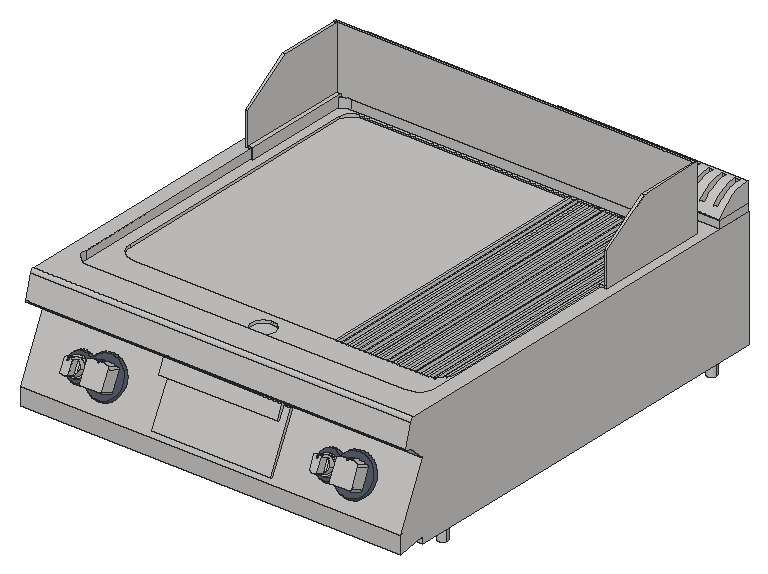
Revit family "QF_ZANUSSI_392055_Z9FTGHCP00", category Specialty Equipment, Revit 2018
Family settings
  Round Connector Dimension = Use Diameter
  Part Type = Normal
  Work Plane-Based = No
  Always vertical = Yes
  Cut with Voids When Loaded = No
  Shared = No
  Room Calculation Point = No
Parameters
  Width = 800 mm  # constant formula
  Weight in Pounds = 105  # constant formula
  Weight = 0.00 kg
  Watts = 0 W
  Volts = 0 V
  URL Manufacturer = "http://www.zanussiprofessional.com"
  URL Cutsheet = "www.electrolux.com/foodservice"
  URL = "http://www.zanussiprofessional.com"
  Type Mark [instance] = ""
  Steam Supply Size = 0"
  Steam Supply Minimum Pressure = 0.00 psi
  Steam Supply Maximum Pressure = 0.00 psi
  Steam Pounds per Hour = 0
  Status [instance] = ""
  Specification by User [instance] = ""
  Specification by Manufacturer = ""
  Show Logo [instance] = yes
  Show Clearance [instance] = yes
  Serial Number = ""
  Seismic Rating = ""
  SMACNA No = ""
  Revision Code [instance] = ""
  Refrigeration Suction Line Size = 0"
  Refrigeration Liquid Line Size = 0"
  Refrigerant Compressor Remote = yes
  Phase = 0
  Omniclass Number and Title = ""
  NAFEM Spec ID Number = ""
  Model = "Z9FTGHCP00"
  Mechanical Remarks [instance] = ""
  Mechanical Connection Type [instance] = ""
  Masterspec = ""
  Manufacturer = "Zanussi"
  Length Actual = 800 mm  # constant formula
  Item Number [instance] = "392055"
  Installed By [instance] = ""
  Identify Quantity as Lot [instance] = yes
  Hot Water Size = 0"
  Height Actual = 250 mm  # constant formula
  Height = 410 mm  # constant formula
  HP = "0 HP"
  Gas Size = 1/2"
  Gas RI Height [instance] = 0 mm
  Gas KW [instance] = 20
  Gas Input [instance] = 0.672036 Btu/h
  Gas Connection Height = 0 mm
  Furnished By [instance] = ""
  Foodservice Equipment Identifier [instance] = yes
  Direct Waste Size = 0"
  Description = "GAS FRYTOP CHR.SMOOTH+RIBB.SLOPED 800 MM"
  Depth Actual = 900 mm  # constant formula
  Depth = 915 mm  # constant formula
  Cycle = 0 Hz
  Condensate Return Size = 0"
  Compressed Air Volume = 0 GPM
  Compressed Air Size = 0"
  Compressed Air Pressure = 0.00 psi
  Cold Water Size = 0"
  CSI MasterFormat = ""
  CSI Master Format = ""
  Base Height [instance] = 24 mm  # constant formula
  Accessory = yes
Reference planes
  plane 1 "BACK": y = 0
  plane 2: z = 0
  plane 3 "LEFT": x = 0
  plane 4 "RIGHT": x = 800
  plane 5 "FRONT": y = -915
  plane 6 "TOP": z = 410
  plane 7 "Center Y": x = 400
  plane 8 "Center X": y = -457.5
  plane 9 "BASE": z = 24
  plane 10: y = -790
  plane 11: y = -82
  plane 12: x = 348
  plane 13: y = -1045
  plane 14: z = 274
  plane 15: y = -664
  plane 16: y = -346.873
  plane 17: y = -900
  plane 18: through (-6096, -854.982, 185.364) normal (0, -0.8956, 0.4448)
Forms (mm)
  Extrusion 1, solid, material "QF_Clearances", visible <- "Show Clearance", detail levels coarse
    sketch origin (0, 0, 0) x (1, 0, 0) y (0, 1, 0)
      loop
        line (0, -915) -> (0, 0) -> (800.05, 0) -> (800.05, -915) -> (900.069, -915) -> (900.069, 100.019) -> (-100.019, 100.019) -> (-100.019, -915) -> (0, -915)
    from 0 to 410
  Extrusion 2, solid, material "QF_Finishes_Stainless Steel"
    sketch origin (0, 0, 0) x (0, 1, 0) y (0, 0, 1)
      loop
        line (0, 24) -> (0, 274) -> (-879.358, 274)
        arc (-879.358, 274) -> (-884.643, 271.811) -> (-886.833, 266.526) r 7.474
        line (-886.833, 266.526) -> (-899.884, 221.011)
        arc (-899.884, 221.011) -> (-899.396, 218.379) -> (-897, 217.184) r 3
        line (-897, 217.184) -> (-886.802, 217.184) -> (-854.982, 185.364) -> (-915, 64.508) -> (-915, 29.508) -> (-858.645, 37.428)
        arc (-858.645, 37.428) -> (-856.101, 36.674) -> (-855, 34.259) r 3.2
        line (-855, 34.259) -> (-855, 24) -> (0, 24)
    from 0 to 800
  Extrusion 3, void
    sketch origin (0, -202.381, 275.4) x (-1, 0, 0) y (0, -1, 0)
      loop
        arc (-55.4, -88.381) -> (-37.439, -80.942) -> (-30, -62.981) r 25.4
        line (-30, -62.981) -> (-30, 578.98)
        arc (-30, 578.98) -> (-40.99, 605.513) -> (-67.523, 616.504) r 37.523
        line (-67.523, 616.504) -> (-732.477, 616.504)
        arc (-732.477, 616.504) -> (-759.01, 605.513) -> (-770, 578.98) r 37.523
        line (-770, 578.98) -> (-770, -62.981)
        arc (-770, -62.981) -> (-762.561, -80.942) -> (-744.6, -88.381) r 25.4
        line (-744.6, -88.381) -> (-55.4, -88.381)
    from 0 to -20
  Extrusion 4, solid, material "QF_Finishes_Stainless Steel"
    sketch origin (0, -200, 0) x (1, 0, 0) y (0, 1, 0)
      loop
        circle (11.112, 118) r 9.525
      loop
        circle (11.112, -590) r 9.525
      loop
        circle (788.887, 118) r 9.525
      loop
        circle (788.888, -590) r 9.525
    from 0 to 24
  Extrusion 5, solid, material "QF_Finishes_Stainless Steel"
    sketch origin (0, 0, 24) x (-1, 0, 0) y (0, 1, 0)
      loop
        circle (-748, -664) r 6.4
    from 0 to 18
  Extrusion 6, solid, material "QF_Finishes_Stainless Steel"
    sketch origin (0, 0, 0) x (0, -1, 0) y (0, 0, 1)
      loop
        line (74.012, 274) -> (74.012, 289) -> (0, 289) -> (0, 274) -> (74.012, 274)
    from 0 to -400.05
  Extrusion 7, solid, material "QF_Finishes_Stainless Steel"
    sketch origin (0, 0, 0) x (0, 1, 0) y (0, 0, 1)
      loop
        line (0, 289) -> (0, 331.913)
        arc (0, 331.913) -> (-42.275, 321.697) -> (-74.012, 291.959) r 85.267
        line (-74.012, 291.959) -> (-74.012, 289) -> (0, 289)
    from 0 to 400
  Extrusion 8, void
    sketch origin (0, 0, 273.238) x (-1, 0, 0) y (0, -1, 0)
      loop
        line (-13.453, 6.761) -> (-13.453, 62.911) -> (-22.749, 62.911) -> (-22.749, 6.761) -> (-13.453, 6.761)
    from 25.4 to 63.5
  Extrusion 9, void
    sketch origin (400.05, 0, 273.238) x (1, 0, 0) y (0, 1, 0)
      loop
        line (-13.503, -6.761) -> (-22.799, -6.761) -> (-22.799, -62.911) -> (-13.503, -62.911) -> (-13.503, -6.761)
    from 25.4 to 63.5
  Extrusion 10, void
    sketch origin (27.988, 0, 273.238) x (-1, 0, 0) y (0, -1, 0)
      loop
        line (-13.453, 6.761) -> (-13.453, 62.911) -> (-22.749, 62.911) -> (-22.749, 6.761) -> (-13.453, 6.761)
    from 25.4 to 63.5
  Extrusion 11, void
    sketch origin (55.977, 0, 273.238) x (-1, 0, 0) y (0, -1, 0)
      loop
        line (-13.453, 6.761) -> (-13.453, 62.911) -> (-22.749, 62.911) -> (-22.749, 6.761) -> (-13.453, 6.761)
    from 25.4 to 63.5
  Extrusion 12, void
    sketch origin (83.965, 0, 273.238) x (-1, 0, 0) y (0, -1, 0)
      loop
        line (-13.428, 6.761) -> (-13.428, 62.911) -> (-22.724, 62.911) -> (-22.724, 6.761) -> (-13.428, 6.761)
    from 25.4 to 63.5
  Extrusion 13, void
    sketch origin (111.953, 0, 273.238) x (-1, 0, 0) y (0, -1, 0)
      loop
        line (-13.428, 6.761) -> (-13.428, 62.911) -> (-22.724, 62.911) -> (-22.724, 6.761) -> (-13.428, 6.761)
    from 25.4 to 63.5
  Extrusion 14, void
    sketch origin (139.942, 0, 273.238) x (-1, 0, 0) y (0, -1, 0)
      loop
        line (-13.428, 6.761) -> (-13.428, 62.911) -> (-22.724, 62.911) -> (-22.724, 6.761) -> (-13.428, 6.761)
    from 25.4 to 63.5
  Extrusion 15, void
    sketch origin (167.93, 0, 273.238) x (-1, 0, 0) y (0, -1, 0)
      loop
        line (-13.428, 6.761) -> (-13.428, 62.911) -> (-22.724, 62.911) -> (-22.724, 6.761) -> (-13.428, 6.761)
    from 25.4 to 63.5
  Extrusion 16, void
    sketch origin (307.872, 0, 273.238) x (-1, 0, 0) y (0, -1, 0)
      loop
        line (-13.403, 6.761) -> (-13.403, 62.911) -> (-22.699, 62.911) -> (-22.699, 6.761) -> (-13.403, 6.761)
    from 25.4 to 63.5
  Extrusion 17, void
    sketch origin (335.86, 0, 273.238) x (-1, 0, 0) y (0, -1, 0)
      loop
        line (-13.403, 6.761) -> (-13.403, 62.911) -> (-22.699, 62.911) -> (-22.699, 6.761) -> (-13.403, 6.761)
    from 25.4 to 63.5
  Extrusion 18, void
    sketch origin (228.013, 0, 273.238) x (-1, 0, 0) y (0, -1, 0)
      loop
        line (-13.428, 6.761) -> (-13.428, 62.911) -> (-22.724, 62.911) -> (-22.724, 6.761) -> (-13.428, 6.761)
    from 25.4 to 63.5
  Extrusion 19, void
    sketch origin (256.002, 0, 273.238) x (-1, 0, 0) y (0, -1, 0)
      loop
        line (-13.428, 6.761) -> (-13.428, 62.911) -> (-22.724, 62.911) -> (-22.724, 6.761) -> (-13.428, 6.761)
    from 25.4 to 63.5
  Extrusion 20, void
    sketch origin (283.99, 0, 273.238) x (-1, 0, 0) y (0, -1, 0)
      loop
        line (-13.403, 6.761) -> (-13.403, 62.911) -> (-22.699, 62.911) -> (-22.699, 6.761) -> (-13.403, 6.761)
    from 25.4 to 63.5
  Extrusion 21, void
    sketch origin (200.025, 0, 273.238) x (-1, 0, 0) y (0, -1, 0)
      loop
        line (-13.428, 6.761) -> (-13.428, 62.911) -> (-22.724, 62.911) -> (-22.724, 6.761) -> (-13.428, 6.761)
    from 25.4 to 63.5
  Extrusion 22, void
    sketch origin (0, -202.381, 255.4) x (0, -1, 0) y (-1, 0, 0)
      loop
        arc (-57.619, -55) -> (-75.579, -62.439) -> (-83.019, -80.4) r 25.4
        line (-83.019, -80.4) -> (-83.019, -719.6)
        arc (-83.019, -719.6) -> (-75.579, -737.561) -> (-57.619, -745) r 25.4
        line (-57.619, -745) -> (493.98, -745)
        arc (493.98, -745) -> (520.513, -734.01) -> (531.504, -707.477) r 37.523
        line (531.504, -707.477) -> (531.504, -92.523)
        arc (531.504, -92.523) -> (520.513, -65.99) -> (493.98, -55) r 37.523
        line (493.98, -55) -> (-57.619, -55)
      loop
        circle (572.619, -400) r 25
    from 0 to 5
  Extrusion 23, void
    sketch origin (785, 0, 275) x (0, 0, -1) y (0, -1, 0)
      loop
        line (-70, 346.873) -> (-135, 346.873) -> (-135, 246.781) -> (-70, 346.873)
    from 0 to 12.7
  Extrusion 24, void
    sketch origin (25, 0, 292.959) x (0, 0, -1) y (0, -1, 0)
      loop
        line (-52.041, 346.873) -> (-117.041, 346.873) -> (-117.041, 246.781) -> (-52.041, 346.873)
    from 0 to 12.7
  Extrusion 25, solid, material "QF_Finishes_Stainless Steel"
    sketch origin (0, -110, 275) x (0, 0, -1) y (-1, 0, 0)
      loop
        line (-135, -20) -> (-135, -780) -> (1, -780) -> (1, -20) -> (-135, -20)
    from 0 to -5
  Extrusion 26, solid, material "QF_Finishes_Stainless Steel"
    sketch origin (800, 0, 0) x (0, -1, 0) y (0, 0, -1)
      loop
        line (74.012, -274) -> (0, -274) -> (0, -289) -> (74.012, -289) -> (74.012, -274)
    from 0 to -400.05
  Extrusion 27, solid, material "QF_Finishes_Stainless Steel"
    sketch origin (800, 0, 0) x (0, 1, 0) y (0, 0, -1)
      loop
        line (0, -289) -> (-74.012, -289) -> (-74.012, -291.959)
        arc (-74.012, -291.959) -> (-42.486, -322.301) -> (0, -332.762) r 84.334
        line (0, -332.762) -> (0, -289)
    from 0 to 400
  Extrusion 28, void
    sketch origin (800, 0, 273.238) x (1, 0, 0) y (0, 1, 0)
      loop
        line (-13.453, -6.761) -> (-22.749, -6.761) -> (-22.749, -62.911) -> (-13.453, -62.911) -> (-13.453, -6.761)
    from 25.4 to 63.5
  Extrusion 29, void
    sketch origin (399.95, 0, 273.238) x (-1, 0, 0) y (0, -1, 0)
      loop
        line (-13.503, 6.761) -> (-13.503, 62.911) -> (-22.799, 62.911) -> (-22.799, 6.761) -> (-13.503, 6.761)
    from 25.4 to 63.5
  Extrusion 30, void
    sketch origin (772.012, 0, 273.238) x (1, 0, 0) y (0, 1, 0)
      loop
        line (-13.453, -6.761) -> (-22.749, -6.761) -> (-22.749, -62.911) -> (-13.453, -62.911) -> (-13.453, -6.761)
    from 25.4 to 63.5
  Extrusion 31, void
    sketch origin (744.023, 0, 273.238) x (1, 0, 0) y (0, 1, 0)
      loop
        line (-13.453, -6.761) -> (-22.749, -6.761) -> (-22.749, -62.911) -> (-13.453, -62.911) -> (-13.453, -6.761)
    from 25.4 to 63.5
  Extrusion 32, void
    sketch origin (716.035, 0, 273.238) x (1, 0, 0) y (0, 1, 0)
      loop
        line (-13.428, -6.761) -> (-22.724, -6.761) -> (-22.724, -62.911) -> (-13.428, -62.911) -> (-13.428, -6.761)
    from 25.4 to 63.5
  Extrusion 33, void
    sketch origin (688.047, 0, 273.238) x (1, 0, 0) y (0, 1, 0)
      loop
        line (-13.428, -6.761) -> (-22.724, -6.761) -> (-22.724, -62.911) -> (-13.428, -62.911) -> (-13.428, -6.761)
    from 25.4 to 63.5
  Extrusion 34, void
    sketch origin (660.058, 0, 273.238) x (1, 0, 0) y (0, 1, 0)
      loop
        line (-13.428, -6.761) -> (-22.724, -6.761) -> (-22.724, -62.911) -> (-13.428, -62.911) -> (-13.428, -6.761)
    from 25.4 to 63.5
  Extrusion 35, void
    sketch origin (632.07, 0, 273.238) x (1, 0, 0) y (0, 1, 0)
      loop
        line (-13.428, -6.761) -> (-22.724, -6.761) -> (-22.724, -62.911) -> (-13.428, -62.911) -> (-13.428, -6.761)
    from 25.4 to 63.5
  Extrusion 36, void
    sketch origin (492.128, 0, 273.238) x (1, 0, 0) y (0, 1, 0)
      loop
        line (-13.403, -6.761) -> (-22.699, -6.761) -> (-22.699, -62.911) -> (-13.403, -62.911) -> (-13.403, -6.761)
    from 25.4 to 63.5
  Extrusion 37, void
    sketch origin (464.14, 0, 273.238) x (1, 0, 0) y (0, 1, 0)
      loop
        line (-13.403, -6.761) -> (-22.699, -6.761) -> (-22.699, -62.911) -> (-13.403, -62.911) -> (-13.403, -6.761)
    from 25.4 to 63.5
  Extrusion 38, void
    sketch origin (571.987, 0, 273.238) x (1, 0, 0) y (0, 1, 0)
      loop
        line (-13.428, -6.761) -> (-22.724, -6.761) -> (-22.724, -62.911) -> (-13.428, -62.911) -> (-13.428, -6.761)
    from 25.4 to 63.5
  Extrusion 39, void
    sketch origin (543.998, 0, 273.238) x (1, 0, 0) y (0, 1, 0)
      loop
        line (-13.428, -6.761) -> (-22.724, -6.761) -> (-22.724, -62.911) -> (-13.428, -62.911) -> (-13.428, -6.761)
    from 25.4 to 63.5
  Extrusion 40, void
    sketch origin (516.01, 0, 273.238) x (1, 0, 0) y (0, 1, 0)
      loop
        line (-13.403, -6.761) -> (-22.699, -6.761) -> (-22.699, -62.911) -> (-13.403, -62.911) -> (-13.403, -6.761)
    from 25.4 to 63.5
  Extrusion 41, void
    sketch origin (599.975, 0, 273.238) x (1, 0, 0) y (0, 1, 0)
      loop
        line (-13.428, -6.761) -> (-22.724, -6.761) -> (-22.724, -62.911) -> (-13.428, -62.911) -> (-13.428, -6.761)
    from 25.4 to 63.5
  Extrusion 42, solid, material "QF_Finishes_Stainless Steel"
    sketch origin (0, 0, 274) x (0, 0, -1) y (-1, 0, 0)
      loop
        line (19.6, -30) -> (0, -30) -> (0, -20) -> (-135, -20) -> (-135, -25) -> (-5, -25) -> (-5, -35) -> (19.6, -35) -> (19.6, -30)
      loop
        line (19.6, -770) -> (19.6, -765) -> (-5, -765) -> (-5, -775) -> (-135, -775) -> (-135, -780) -> (0, -780) -> (0, -770) -> (19.6, -770)
    from -110 to -346.873
  Blend 43, solid, material "QF_Finishes_Navy Blue"
    base sketch origin (156.419, -884.991, 124.936) x (1, 0, 0) y (0, 0.444781, 0.895639)
      loop
        arc (-35.05, -24.037) -> (42.5, 0) -> (-35.05, 24.037) r 42.5
        arc (-35.05, 24.037) -> (-83, 0) -> (-35.05, -24.037) r 30
    top sketch origin (156.419, -884.991, 124.936) x (1, 0, 0) y (0, 0.444781, 0.895639)
      loop
        arc (-34.578, -21.086) -> (40.5, 0) -> (-34.578, 21.086) r 40.5
        arc (-34.578, 21.086) -> (-81, 0) -> (-34.578, -21.086) r 28
    from 0 to 5
  Extrusion 44, solid, material "QF_Finishes_Stainless Steel"
    sketch origin (-76.081, -884.991, 124.936) x (1, 0, 0) y (0, 0.444781, 0.895639)
      loop
        circle (177.499, -0.341) r 20
    from 5 to 10
  Extrusion 45, solid, material "QF_Finishes_Stainless Steel"
    sketch origin (-76.081, -884.991, 124.936) x (1, 0, 0) y (0, 0.444781, 0.895639)
      loop
        arc (211.353, 22.789) -> (210.006, 21.685) -> (209.5, 20.019) r 2.997
        line (209.5, 20.019) -> (209.5, -20.019)
        arc (209.5, -20.019) -> (210.378, -22.138) -> (212.497, -23.016) r 2.997
        line (212.497, -23.016) -> (252.503, -23.016)
        arc (252.503, -23.016) -> (254.622, -22.138) -> (255.5, -20.019) r 2.997
        line (255.5, -20.019) -> (255.5, 20.019)
        arc (255.5, 20.019) -> (254.994, 21.685) -> (253.647, 22.789) r 2.997
        arc (253.647, 22.789) -> (232.5, 26.984) -> (211.353, 22.789) r 55.4
    from 5 to 34
  Extrusion 46, solid, material "QF_Finishes_Stainless Steel"
    sketch origin (-76.081, -884.991, 124.936) x (1, 0, 0) y (0, 0.444781, 0.895639)
      loop
        circle (177.499, -0.341) r 16
    from 10 to 40
  Extrusion 47, void
    sketch origin (156.419, -884.991, 124.936) x (1, 0, 0) y (0, -0.895639, 0.444781)
      loop
        line (-62.999, 24.837) -> (-62.999, 40) -> (-71.893, 40) -> (-71.893, 22) -> (-65.835, 22)
        arc (-65.835, 22) -> (-63.827, 22.828) -> (-62.999, 24.837) r 2.827
      loop
        arc (-47.003, 24.837) -> (-46.175, 22.828) -> (-44.167, 22) r 2.827
        line (-44.167, 22) -> (-38.109, 22) -> (-38.109, 40) -> (-47.003, 40) -> (-47.003, 24.837)
    from -20.019 to 20.019
  Extrusion 48, solid, material "QF_Plastic-Black-Matte"
    sketch origin (213.919, -884.991, 124.936) x (0, 0.444781, 0.895639) y (0, -0.895639, 0.444781)
      loop
        line (26.984, 34) -> (26.984, 19) -> (27.984, 19) -> (27.984, 34)
        arc (27.984, 34) -> (27.691, 34.707) -> (26.984, 35) r 1
        line (26.984, 35) -> (23.984, 35) -> (23.984, 34) -> (26.984, 34)
    from -58.5 to -56.5
  Extrusion 49, solid, material "QF_Plastic-Black-Matte"
    sketch origin (101.418, -1018.425, -143.756) x (0, -0.444781, -0.895639) y (0, -0.895639, 0.444781)
      loop
        line (-310.284, 39.984) -> (-310.284, 40.984) -> (-312.9, 40.984)
        arc (-312.9, 40.984) -> (-315.562, 39.882) -> (-316.664, 37.22) r 3.764
        line (-316.664, 37.22) -> (-316.664, 25.027) -> (-315.664, 25.027) -> (-315.664, 37.22)
        arc (-315.664, 37.22) -> (-314.855, 39.175) -> (-312.9, 39.984) r 2.764
        line (-312.9, 39.984) -> (-310.284, 39.984)
    from 1 to -1
  Extrusion 50, solid, material "QF_Finishes_Stainless Steel"
    sketch origin (335, -214.132, -0.464) x (0, 1, 0) y (0, 0, 1)
      loop
        line (-640.85, 185.828) -> (-659.988, 204.966)
        arc (-659.988, 204.966) -> (-664.455, 206.368) -> (-668.159, 203.504) r 5.058
        line (-668.159, 203.504) -> (-680.821, 175.994) -> (-677.937, 174.666) -> (-665.275, 202.176)
        arc (-665.275, 202.176) -> (-663.896, 203.243) -> (-662.233, 202.721) r 1.883
        line (-662.233, 202.721) -> (-644.727, 185.215) -> (-698.248, 77.444) -> (-695.339, 76.105) -> (-640.85, 185.828)
    from -60 to 190
  Extrusion 51, solid, material "QF_Finishes_Drawer Clearance", visible <- "Show Clearance", detail levels coarse
    sketch origin (335, -315.732, -0.464) x (0, 1, 0) y (0, 0, 1)
      loop
        line (-726.181, 76.105) -> (-593.739, 76.105) -> (-539.25, 185.828) -> (-558.388, 204.966)
        arc (-558.388, 204.966) -> (-560.449, 206.215) -> (-562.855, 206.368) r 5.058
        line (-562.855, 206.368) -> (-695.296, 206.368)
        arc (-695.296, 206.368) -> (-697.5, 205.39) -> (-699, 203.504) r 5.058
        line (-699, 203.504) -> (-711.662, 175.994) -> (-708.778, 174.666) -> (-696.116, 202.176)
        arc (-696.116, 202.176) -> (-694.737, 203.243) -> (-693.074, 202.721) r 1.883
        line (-693.074, 202.721) -> (-675.569, 185.215) -> (-729.089, 77.444) -> (-726.181, 76.105)
    from -60 to 190
  Blend 52, solid, material "QF_Finishes_Navy Blue"
    base sketch origin (681.419, -884.991, 124.936) x (1, 0, 0) y (0, 0.444781, 0.895639)
      loop
        arc (-35.05, -24.037) -> (42.5, 0) -> (-35.05, 24.037) r 42.5
        arc (-35.05, 24.037) -> (-83, 0) -> (-35.05, -24.037) r 30
    top sketch origin (681.419, -884.991, 124.936) x (1, 0, 0) y (0, 0.444781, 0.895639)
      loop
        arc (-34.578, -21.086) -> (40.5, 0) -> (-34.578, 21.086) r 40.5
        arc (-34.578, 21.086) -> (-81, 0) -> (-34.578, -21.086) r 28
    from 0 to 5
  Extrusion 53, solid, material "QF_Finishes_Stainless Steel"
    sketch origin (448.919, -884.991, 124.936) x (1, 0, 0) y (0, 0.444781, 0.895639)
      loop
        circle (177.499, -0.341) r 20
    from 5 to 10
  Extrusion 54, solid, material "QF_Finishes_Stainless Steel"
    sketch origin (448.919, -884.991, 124.936) x (1, 0, 0) y (0, 0.444781, 0.895639)
      loop
        arc (211.353, 22.789) -> (210.006, 21.685) -> (209.5, 20.019) r 2.997
        line (209.5, 20.019) -> (209.5, -20.019)
        arc (209.5, -20.019) -> (210.378, -22.138) -> (212.497, -23.016) r 2.997
        line (212.497, -23.016) -> (252.503, -23.016)
        arc (252.503, -23.016) -> (254.622, -22.138) -> (255.5, -20.019) r 2.997
        line (255.5, -20.019) -> (255.5, 20.019)
        arc (255.5, 20.019) -> (254.994, 21.685) -> (253.647, 22.789) r 2.997
        arc (253.647, 22.789) -> (232.5, 26.984) -> (211.353, 22.789) r 55.4
    from 5 to 34
  Extrusion 55, solid, material "QF_Finishes_Stainless Steel"
    sketch origin (448.919, -884.991, 124.936) x (1, 0, 0) y (0, 0.444781, 0.895639)
      loop
        circle (177.499, -0.341) r 16
    from 10 to 40
  Extrusion 56, void
    sketch origin (681.419, -884.991, 124.936) x (1, 0, 0) y (0, -0.895639, 0.444781)
      loop
        line (-62.999, 24.837) -> (-62.999, 40) -> (-71.893, 40) -> (-71.893, 22) -> (-65.835, 22)
        arc (-65.835, 22) -> (-63.827, 22.828) -> (-62.999, 24.837) r 2.827
      loop
        arc (-47.003, 24.837) -> (-46.175, 22.828) -> (-44.167, 22) r 2.827
        line (-44.167, 22) -> (-38.109, 22) -> (-38.109, 40) -> (-47.003, 40) -> (-47.003, 24.837)
    from -20.019 to 20.019
  Extrusion 57, solid, material "QF_Plastic-Black-Matte"
    sketch origin (738.919, -884.991, 124.936) x (0, 0.444781, 0.895639) y (0, -0.895639, 0.444781)
      loop
        line (26.984, 34) -> (26.984, 19) -> (27.984, 19) -> (27.984, 34)
        arc (27.984, 34) -> (27.691, 34.707) -> (26.984, 35) r 1
        line (26.984, 35) -> (23.984, 35) -> (23.984, 34) -> (26.984, 34)
    from -58.5 to -56.5
  Extrusion 58, solid, material "QF_Plastic-Black-Matte"
    sketch origin (626.418, -1018.425, -143.756) x (0, -0.444781, -0.895639) y (0, -0.895639, 0.444781)
      loop
        line (-310.284, 39.984) -> (-310.284, 40.984) -> (-312.9, 40.984)
        arc (-312.9, 40.984) -> (-315.562, 39.882) -> (-316.664, 37.22) r 3.764
        line (-316.664, 37.22) -> (-316.664, 25.027) -> (-315.664, 25.027) -> (-315.664, 37.22)
        arc (-315.664, 37.22) -> (-314.855, 39.175) -> (-312.9, 39.984) r 2.764
        line (-312.9, 39.984) -> (-310.284, 39.984)
    from 1 to -1
  Extrusion 59, solid, material "QF_Finishes_Stainless Steel"
    sketch origin (398.5, -712.772, 32.49) x (0, 0, 1) y (-1, 0, 0)
      loop
        line (217.91, -119) -> (217.91, -125) -> (222.81, -124.02) -> (222.81, -119.98) -> (217.91, -119)
      loop
        line (217.91, -131) -> (217.91, -137) -> (222.81, -136.02) -> (222.81, -131.98) -> (217.91, -131)
      loop
        line (217.91, -143) -> (217.91, -149) -> (222.81, -148.02) -> (222.81, -143.98) -> (217.91, -143)
      loop
        line (217.91, -155) -> (217.91, -161) -> (222.81, -160.02) -> (222.81, -155.98) -> (217.91, -155)
      loop
        line (217.91, -167) -> (217.91, -173) -> (222.81, -172.02) -> (222.81, -167.98) -> (217.91, -167)
      loop
        line (217.91, -179) -> (217.91, -185) -> (222.81, -184.02) -> (222.81, -179.98) -> (217.91, -179)
      loop
        line (217.91, -191) -> (217.91, -197) -> (222.81, -196.02) -> (222.81, -191.98) -> (217.91, -191)
      loop
        line (217.91, -203) -> (217.91, -209) -> (222.81, -208.02) -> (222.81, -203.98) -> (217.91, -203)
      loop
        line (217.91, -317) -> (222.81, -316.02) -> (222.81, -311.98) -> (217.91, -311) -> (217.91, -317)
      loop
        line (217.91, -305) -> (222.81, -304.02) -> (222.81, -299.98) -> (217.91, -299) -> (217.91, -305)
      loop
        line (217.91, -293) -> (222.81, -292.02) -> (222.81, -287.98) -> (217.91, -287) -> (217.91, -293)
      loop
        line (217.91, -281) -> (222.81, -280.02) -> (222.81, -275.98) -> (217.91, -275) -> (217.91, -281)
      loop
        line (217.91, -269) -> (222.81, -268.02) -> (222.81, -263.98) -> (217.91, -263) -> (217.91, -269)
      loop
        line (217.91, -257) -> (222.81, -256.02) -> (222.81, -251.98) -> (217.91, -251) -> (217.91, -257)
      loop
        line (217.91, -245) -> (222.81, -244.02) -> (222.81, -239.98) -> (217.91, -239) -> (217.91, -245)
      loop
        line (217.91, -233) -> (222.81, -232.02) -> (222.81, -227.98) -> (217.91, -227) -> (217.91, -233)
      loop
        line (217.91, -221) -> (222.81, -220.02) -> (222.81, -215.98) -> (217.91, -215) -> (217.91, -221)
    from 21.113 to -593.409
  Extrusion 60, solid, material "QF_Finishes_Stainless Steel"
    sketch origin (649, -713.772, 32.49) x (0, 0, 1) y (-1, 0, 0)
      loop
        line (217.91, -72.5) -> (217.91, -78.5) -> (222.81, -77.52) -> (222.81, -73.48) -> (217.91, -72.5)
    from -591.963 to 17.797
  Extrusion 61, solid, material "QF_Finishes_Stainless Steel"
    sketch origin (661, -713.772, 32.49) x (0, 0, 1) y (-1, 0, 0)
      loop
        line (217.91, -72.5) -> (217.91, -78.5) -> (222.81, -77.52) -> (222.81, -73.48) -> (217.91, -72.5)
    from -583.428 to 7.677
Cuts and joins
  Extrusion 3, Extrusion 22 cuts Extrusion 2
  Extrusion 3 cuts Extrusion 25
  Extrusion 23, Extrusion 24 cuts Extrusion 42
  joined: Extrusion 2, Extrusion 25, Extrusion 42
  Extrusion 8, Extrusion 9, Extrusion 10, Extrusion 11, Extrusion 12, Extrusion 13, Extrusion 14, Extrusion 15, Extrusion 16, Extrusion 17, Extrusion 18, Extrusion 19, Extrusion 20, Extrusion 21, Extrusion 28, Extrusion 29, Extrusion 30, Extrusion 31, Extrusion 32, Extrusion 33, Extrusion 34, Extrusion 35, Extrusion 36, Extrusion 37, Extrusion 38, Extrusion 39, Extrusion 40, Extrusion 41 cuts Extrusion 7
  Extrusion 28, Extrusion 29, Extrusion 30, Extrusion 31, Extrusion 32, Extrusion 33, Extrusion 34, Extrusion 35, Extrusion 36, Extrusion 37, Extrusion 38, Extrusion 39, Extrusion 40, Extrusion 41 cuts Extrusion 27
  Extrusion 47, Extrusion 56 cuts Extrusion 46
  Extrusion 56 cuts Extrusion 55
Lines and regions (mm)
  Split face 1
    outline origin (156.419, -889.469, 127.16) x (1, 0, 0) y (0, 0.444781, 0.895639)
      loop
        circle (0, 33) r 1
  Split face 2
    outline origin (156.419, -889.469, 127.16) x (1, 0, 0) y (0, 0.444781, 0.895639)
      loop
        circle (-8.541, 31.876) r 1
  Split face 3
    outline origin (156.419, -889.469, 127.16) x (1, 0, 0) y (0, 0.444781, 0.895639)
      loop
        circle (-16.5, 28.579) r 1
  Split face 4
    outline origin (156.419, -889.469, 127.16) x (1, 0, 0) y (0, 0.444781, 0.895639)
      loop
        circle (-23.335, 23.335) r 1
  Split face 5
    outline origin (156.419, -889.469, 127.16) x (1, 0, 0) y (0, 0.444781, 0.895639)
      loop
        circle (-28.579, 16.5) r 1
  Split face 6
    outline origin (156.419, -889.469, 127.16) x (1, 0, 0) y (0, 0.444781, 0.895639)
      loop
        circle (-31.876, 8.541) r 1
  Split face 7
    outline origin (156.419, -889.469, 127.16) x (1, 0, 0) y (0, 0.444781, 0.895639)
      loop
        circle (-33, 0) r 1
  Split face 8
    outline origin (156.419, -889.469, 127.16) x (-1, 0, 0) y (0, 0.444781, 0.895639)
      loop
        circle (31.876, -8.541) r 1
  Split face 9
    outline origin (156.419, -889.469, 127.16) x (-1, 0, 0) y (0, 0.444781, 0.895639)
      loop
        circle (28.579, -16.5) r 1
  Split face 10
    outline origin (156.419, -889.469, 127.16) x (-1, 0, 0) y (0, 0.444781, 0.895639)
      loop
        circle (23.335, -23.335) r 1
  Split face 11
    outline origin (156.419, -889.469, 127.16) x (-1, 0, 0) y (0, 0.444781, 0.895639)
      loop
        circle (16.5, -28.579) r 1
  Split face 12
    outline origin (156.419, -889.469, 127.16) x (-1, 0, 0) y (0, 0.444781, 0.895639)
      loop
        circle (8.541, -31.876) r 1
  Split face 13
    outline origin (156.419, -889.469, 127.16) x (1, 0, 0) y (0, -0.444781, -0.895639)
      loop
        circle (33, 0) r 1
  Split face 14
    outline origin (156.419, -889.469, 127.16) x (1, 0, 0) y (0, -0.444781, -0.895639)
      loop
        circle (31.876, -8.541) r 1
  Split face 15
    outline origin (156.419, -889.469, 127.16) x (1, 0, 0) y (0, -0.444781, -0.895639)
      loop
        circle (28.579, -16.5) r 1
  Split face 16
    outline origin (156.419, -889.469, 127.16) x (1, 0, 0) y (0, -0.444781, -0.895639)
      loop
        circle (23.335, -23.335) r 1
  Split face 17
    outline origin (156.419, -889.469, 127.16) x (1, 0, 0) y (0, -0.444781, -0.895639)
      loop
        circle (16.5, -28.579) r 1
  Split face 18
    outline origin (156.419, -889.469, 127.16) x (1, 0, 0) y (0, -0.444781, -0.895639)
      loop
        circle (8.541, -31.876) r 1
  Split face 19
    outline origin (156.419, -889.469, 127.16) x (-1, 0, 0) y (0, -0.444781, -0.895639)
      loop
        circle (-8.541, 31.876) r 1
  Split face 20
    outline origin (156.419, -889.469, 127.16) x (-1, 0, 0) y (0, -0.444781, -0.895639)
      loop
        circle (-16.5, 28.579) r 1
  Split face 21
    outline origin (156.419, -889.469, 127.16) x (-1, 0, 0) y (0, -0.444781, -0.895639)
      loop
        circle (-23.335, 23.335) r 1
  Split face 22
    outline origin (156.419, -889.469, 127.16) x (-1, 0, 0) y (0, -0.444781, -0.895639)
      loop
        circle (-28.579, 16.5) r 1
  Split face 23
    outline origin (156.419, -889.469, 127.16) x (-1, 0, 0) y (0, -0.444781, -0.895639)
      loop
        circle (-31.876, 8.541) r 1
  Split face 24
    outline origin (156.419, -889.469, 127.16) x (1, 0, 0) y (0, 0.444781, 0.895639)
      loop
        circle (-55.001, 22) r 1.508
  Split face 25
    outline origin (157.545, -885.216, 135.725) x (1, 0, 0) y (0, 0.444781, 0.895639)
      loop
        circle (-77.001, 0) r 1.343
  Split face 26
    outline origin (156.419, -889.469, 127.16) x (1, 0, 0) y (0, 0.444781, 0.895639)
      loop
        line (-56.273, -20.786) -> (-56.273, -25.164) -> (-53.729, -25.164) -> (-53.729, -20.786) -> (-56.273, -20.786)
  Split face 27
    outline origin (156.419, -889.469, 127.16) x (1, 0, 0) y (0, 0.444781, 0.895639)
      loop
        line (-70.261, 16.732) -> (-67.433, 19.559) -> (-71.077, 17.548) -> (-70.261, 16.732)
  Split face 28
    outline origin (156.419, -889.469, 127.16) x (1, 0, 0) y (0, 0.444781, 0.895639)
      loop
        circle (0, -33) r 1
  Split face 29
    outline origin (681.419, -889.469, 127.16) x (1, 0, 0) y (0, 0.444781, 0.895639)
      loop
        circle (0, 33) r 1
  Split face 30
    outline origin (681.419, -889.469, 127.16) x (1, 0, 0) y (0, 0.444781, 0.895639)
      loop
        circle (-8.541, 31.876) r 1
  Split face 31
    outline origin (681.419, -889.469, 127.16) x (1, 0, 0) y (0, 0.444781, 0.895639)
      loop
        circle (-16.5, 28.579) r 1
  Split face 32
    outline origin (681.419, -889.469, 127.16) x (1, 0, 0) y (0, 0.444781, 0.895639)
      loop
        circle (-23.335, 23.335) r 1
  Split face 33
    outline origin (681.419, -889.469, 127.16) x (1, 0, 0) y (0, 0.444781, 0.895639)
      loop
        circle (-28.579, 16.5) r 1
  Split face 34
    outline origin (681.419, -889.469, 127.16) x (1, 0, 0) y (0, 0.444781, 0.895639)
      loop
        circle (-31.876, 8.541) r 1
  Split face 35
    outline origin (681.419, -889.469, 127.16) x (1, 0, 0) y (0, 0.444781, 0.895639)
      loop
        circle (-33, 0) r 1
  Split face 36
    outline origin (681.419, -889.469, 127.16) x (-1, 0, 0) y (0, 0.444781, 0.895639)
      loop
        circle (31.876, -8.541) r 1
  Split face 37
    outline origin (681.419, -889.469, 127.16) x (-1, 0, 0) y (0, 0.444781, 0.895639)
      loop
        circle (28.579, -16.5) r 1
  Split face 38
    outline origin (681.419, -889.469, 127.16) x (-1, 0, 0) y (0, 0.444781, 0.895639)
      loop
        circle (23.335, -23.335) r 1
  Split face 39
    outline origin (681.419, -889.469, 127.16) x (-1, 0, 0) y (0, 0.444781, 0.895639)
      loop
        circle (16.5, -28.579) r 1
  Split face 40
    outline origin (681.419, -889.469, 127.16) x (-1, 0, 0) y (0, 0.444781, 0.895639)
      loop
        circle (8.541, -31.876) r 1
  Split face 41
    outline origin (681.419, -889.469, 127.16) x (1, 0, 0) y (0, -0.444781, -0.895639)
      loop
        circle (33, 0) r 1
  Split face 42
    outline origin (681.419, -889.469, 127.16) x (1, 0, 0) y (0, -0.444781, -0.895639)
      loop
        circle (31.876, -8.541) r 1
  Split face 43
    outline origin (681.419, -889.469, 127.16) x (1, 0, 0) y (0, -0.444781, -0.895639)
      loop
        circle (28.579, -16.5) r 1
  Split face 44
    outline origin (681.419, -889.469, 127.16) x (1, 0, 0) y (0, -0.444781, -0.895639)
      loop
        circle (23.335, -23.335) r 1
  Split face 45
    outline origin (681.419, -889.469, 127.16) x (1, 0, 0) y (0, -0.444781, -0.895639)
      loop
        circle (16.5, -28.579) r 1
  Split face 46
    outline origin (681.419, -889.469, 127.16) x (1, 0, 0) y (0, -0.444781, -0.895639)
      loop
        circle (8.541, -31.876) r 1
  Split face 47
    outline origin (681.419, -889.469, 127.16) x (-1, 0, 0) y (0, -0.444781, -0.895639)
      loop
        circle (-8.541, 31.876) r 1
  Split face 48
    outline origin (681.419, -889.469, 127.16) x (-1, 0, 0) y (0, -0.444781, -0.895639)
      loop
        circle (-16.5, 28.579) r 1
  Split face 49
    outline origin (681.419, -889.469, 127.16) x (-1, 0, 0) y (0, -0.444781, -0.895639)
      loop
        circle (-23.335, 23.335) r 1
  Split face 50
    outline origin (681.419, -889.469, 127.16) x (-1, 0, 0) y (0, -0.444781, -0.895639)
      loop
        circle (-28.579, 16.5) r 1
  Split face 51
    outline origin (681.419, -889.469, 127.16) x (-1, 0, 0) y (0, -0.444781, -0.895639)
      loop
        circle (-31.876, 8.541) r 1
  Split face 52
    outline origin (681.419, -889.469, 127.16) x (1, 0, 0) y (0, 0.444781, 0.895639)
      loop
        circle (-55.001, 22) r 1.508
  Split face 53
    outline origin (682.545, -885.216, 135.725) x (1, 0, 0) y (0, 0.444781, 0.895639)
      loop
        circle (-77.001, 0) r 1.343
  Split face 54
    outline origin (681.419, -889.469, 127.16) x (1, 0, 0) y (0, 0.444781, 0.895639)
      loop
        line (-56.273, -20.786) -> (-56.273, -25.164) -> (-53.729, -25.164) -> (-53.729, -20.786) -> (-56.273, -20.786)
  Split face 55
    outline origin (681.419, -889.469, 127.16) x (1, 0, 0) y (0, 0.444781, 0.895639)
      loop
        line (-70.261, 16.732) -> (-67.433, 19.559) -> (-71.077, 17.548) -> (-70.261, 16.732)
  Split face 56
    outline origin (681.419, -889.469, 127.16) x (1, 0, 0) y (0, 0.444781, 0.895639)
      loop
        circle (0, -33) r 1
  symbolic lines, style "QF_Clearances", visible <- "Show Clearance", detail levels coarse
    curve 1: line (-100.019, 100.019, 276.225) -> (-100.019, -915, 276.225)
    curve 2: line (900.069, 100.019, 276.225) -> (-100.019, 100.019, 276.225)
    curve 3: line (900.069, -915, 276.225) -> (900.069, 100.019, 276.225)
  symbolic lines
    curve 4: line (0, -74.012, 276.225) -> (800.05, -74.012, 276.225)
    curve 5: line (0, -915, 276.225) -> (0, 0, 276.225)
    curve 6: line (800.05, 0, 276.225) -> (800.05, -915, 276.225)
    curve 7: line (30, -346.873, 276.225) -> (30, -781.362, 276.225)
    curve 8: arc (30, -781.362, 276.225) -> (40.99, -807.895, 276.225) -> (67.523, -818.885, 276.225) r 37.523
    curve 9: arc (732.477, -818.885, 276.225) -> (759.01, -807.895, 276.225) -> (770, -781.362, 276.225) r 37.523
    curve 10: line (770, -781.362, 276.225) -> (770, -346.873, 276.225)
    curve 11: line (67.523, -818.885, 276.225) -> (732.477, -818.885, 276.225)
    curve 15: line (0, 0, 276.225) -> (800.05, 0, 276.225)
    curve 16: line (22.749, -6.761, 276.225) -> (22.749, -62.911, 276.225)
    curve 17: line (22.749, -62.911, 276.225) -> (13.453, -62.911, 276.225)
    curve 18: line (13.453, -62.911, 276.225) -> (13.453, -6.761, 276.225)
    curve 19: line (13.453, -6.761, 276.225) -> (22.749, -6.761, 276.225)
    curve 20: line (50.737, -6.761, 276.225) -> (50.737, -62.911, 276.225)
    curve 21: line (50.737, -62.911, 276.225) -> (41.441, -62.911, 276.225)
    curve 22: line (41.441, -62.911, 276.225) -> (41.441, -6.761, 276.225)
    curve 23: line (41.441, -6.761, 276.225) -> (50.737, -6.761, 276.225)
    curve 24: line (78.725, -6.761, 276.225) -> (78.725, -62.911, 276.225)
    curve 25: line (78.725, -62.911, 276.225) -> (69.43, -62.911, 276.225)
    curve 26: line (69.43, -62.911, 276.225) -> (69.43, -6.761, 276.225)
    curve 27: line (69.43, -6.761, 276.225) -> (78.725, -6.761, 276.225)
    curve 28: line (106.689, -6.761, 276.225) -> (106.689, -62.911, 276.225)
    curve 29: line (106.689, -62.911, 276.225) -> (97.393, -62.911, 276.225)
    curve 30: line (97.393, -62.911, 276.225) -> (97.393, -6.761, 276.225)
    curve 31: line (97.393, -6.761, 276.225) -> (106.689, -6.761, 276.225)
    curve 32: line (134.677, -6.761, 276.225) -> (134.677, -62.911, 276.225)
    curve 33: line (134.677, -62.911, 276.225) -> (125.381, -62.911, 276.225)
    curve 34: line (125.381, -62.911, 276.225) -> (125.381, -6.761, 276.225)
    curve 35: line (125.381, -6.761, 276.225) -> (134.677, -6.761, 276.225)
    curve 36: line (162.665, -6.761, 276.225) -> (162.665, -62.911, 276.225)
    curve 37: line (162.665, -62.911, 276.225) -> (153.37, -62.911, 276.225)
    curve 38: line (153.37, -62.911, 276.225) -> (153.37, -6.761, 276.225)
    curve 39: line (153.37, -6.761, 276.225) -> (162.665, -6.761, 276.225)
    curve 40: line (190.654, -6.761, 276.225) -> (190.654, -62.911, 276.225)
    curve 41: line (190.654, -62.911, 276.225) -> (181.358, -62.911, 276.225)
    curve 42: line (181.358, -62.911, 276.225) -> (181.358, -6.761, 276.225)
    curve 43: line (181.358, -6.761, 276.225) -> (190.654, -6.761, 276.225)
    curve 44: line (222.749, -6.761, 276.225) -> (222.749, -62.911, 276.225)
    curve 45: line (222.749, -62.911, 276.225) -> (213.453, -62.911, 276.225)
    curve 46: line (213.453, -62.911, 276.225) -> (213.453, -6.761, 276.225)
    curve 47: line (213.453, -6.761, 276.225) -> (222.749, -6.761, 276.225)
    curve 48: line (250.737, -6.761, 276.225) -> (250.737, -62.911, 276.225)
    curve 49: line (250.737, -62.911, 276.225) -> (241.441, -62.911, 276.225)
    curve 50: line (241.441, -62.911, 276.225) -> (241.441, -6.761, 276.225)
    curve 51: line (241.441, -6.761, 276.225) -> (250.737, -6.761, 276.225)
    curve 52: line (278.725, -6.761, 276.225) -> (278.725, -62.911, 276.225)
    curve 53: line (278.725, -62.911, 276.225) -> (269.43, -62.911, 276.225)
    curve 54: line (269.43, -62.911, 276.225) -> (269.43, -6.761, 276.225)
    curve 55: line (269.43, -6.761, 276.225) -> (278.725, -6.761, 276.225)
    curve 56: line (306.689, -6.761, 276.225) -> (306.689, -62.911, 276.225)
    curve 57: line (306.689, -62.911, 276.225) -> (297.393, -62.911, 276.225)
    curve 58: line (297.393, -62.911, 276.225) -> (297.393, -6.761, 276.225)
    curve 59: line (297.393, -6.761, 276.225) -> (306.689, -6.761, 276.225)
    curve 60: line (330.57, -6.761, 276.225) -> (330.57, -62.911, 276.225)
    curve 61: line (330.57, -62.911, 276.225) -> (321.275, -62.911, 276.225)
    curve 62: line (321.275, -62.911, 276.225) -> (321.275, -6.761, 276.225)
    curve 63: line (321.275, -6.761, 276.225) -> (330.57, -6.761, 276.225)
    curve 64: line (358.559, -6.761, 276.225) -> (358.559, -62.911, 276.225)
    curve 65: line (358.559, -62.911, 276.225) -> (349.263, -62.911, 276.225)
    curve 66: line (349.263, -62.911, 276.225) -> (349.263, -6.761, 276.225)
    curve 67: line (349.263, -6.761, 276.225) -> (358.559, -6.761, 276.225)
    curve 68: line (386.547, -6.761, 276.225) -> (386.547, -62.911, 276.225)
    curve 69: line (386.547, -62.911, 276.225) -> (377.251, -62.911, 276.225)
    curve 70: line (377.251, -62.911, 276.225) -> (377.251, -6.761, 276.225)
    curve 71: line (377.251, -6.761, 276.225) -> (386.547, -6.761, 276.225)
    curve 72: line (20, -109, 276.225) -> (20, -346.873, 276.225)
    curve 73: line (785, -109, 276.225) -> (20, -109, 276.225)
    curve 74: line (785, -346.873, 276.225) -> (785, -109, 276.225)
    curve 75: line (20, -346.873, 276.225) -> (35, -346.873, 276.225)
    curve 76: line (765, -346.873, 276.225) -> (785, -346.873, 276.225)
    curve 77: arc (55, -144.762, 276.225) -> (62.439, -126.802, 276.225) -> (80.4, -119.362, 276.225) r 25.4
    curve 78: line (80.4, -119.362, 276.225) -> (719.6, -119.362, 276.225)
    curve 79: arc (719.6, -119.362, 276.225) -> (737.561, -126.802, 276.225) -> (745, -144.762, 276.225) r 25.4
    curve 80: line (745, -144.762, 276.225) -> (745, -696.362, 276.225)
    curve 81: arc (745, -696.362, 276.225) -> (734.01, -722.895, 276.225) -> (707.477, -733.885, 276.225) r 37.523
    curve 82: line (707.477, -733.885, 276.225) -> (92.523, -733.885, 276.225)
    curve 83: arc (92.523, -733.885, 276.225) -> (65.99, -722.895, 276.225) -> (55, -696.362, 276.225) r 37.523
    curve 84: line (55, -696.362, 276.225) -> (55, -144.762, 276.225)
    curve 85: line (765, -346.873, 276.225) -> (765, -114, 276.225)
    curve 86: line (780, -114, 276.225) -> (780, -346.873, 276.225)
    curve 87: line (35, -346.873, 276.225) -> (35, -114, 276.225)
    curve 88: line (25, -346.873, 276.225) -> (25, -114, 276.225)
    curve 89: line (35, -114, 276.225) -> (780, -114, 276.225)
    curve 90: arc (765, -124.267, 276.225) -> (756.019, -116.712, 276.225) -> (744.6, -114, 276.225) r 25.4
    curve 91: arc (55.4, -114, 276.225) -> (43.981, -116.712, 276.225) -> (35, -124.267, 276.225) r 25.4
    curve 92: line (777.251, -6.761, 276.225) -> (777.251, -62.911, 276.225)
    curve 93: line (777.251, -62.911, 276.225) -> (786.547, -62.911, 276.225)
    curve 94: line (786.547, -62.911, 276.225) -> (786.547, -6.761, 276.225)
    curve 95: line (786.547, -6.761, 276.225) -> (777.251, -6.761, 276.225)
    curve 96: line (749.263, -6.761, 276.225) -> (749.263, -62.911, 276.225)
    curve 97: line (749.263, -62.911, 276.225) -> (758.559, -62.911, 276.225)
    curve 98: line (758.559, -62.911, 276.225) -> (758.559, -6.761, 276.225)
    curve 99: line (758.559, -6.761, 276.225) -> (749.263, -6.761, 276.225)
    curve 100: line (721.275, -6.761, 276.225) -> (721.275, -62.911, 276.225)
    curve 101: line (721.275, -62.911, 276.225) -> (730.57, -62.911, 276.225)
    curve 102: line (730.57, -62.911, 276.225) -> (730.57, -6.761, 276.225)
    curve 103: line (730.57, -6.761, 276.225) -> (721.275, -6.761, 276.225)
    curve 104: line (693.311, -6.761, 276.225) -> (693.311, -62.911, 276.225)
    curve 105: line (693.311, -62.911, 276.225) -> (702.607, -62.911, 276.225)
    curve 106: line (702.607, -62.911, 276.225) -> (702.607, -6.761, 276.225)
    curve 107: line (702.607, -6.761, 276.225) -> (693.311, -6.761, 276.225)
    curve 108: line (665.323, -6.761, 276.225) -> (665.323, -62.911, 276.225)
    curve 109: line (665.323, -62.911, 276.225) -> (674.619, -62.911, 276.225)
    curve 110: line (674.619, -62.911, 276.225) -> (674.619, -6.761, 276.225)
    curve 111: line (674.619, -6.761, 276.225) -> (665.323, -6.761, 276.225)
    curve 112: line (637.335, -6.761, 276.225) -> (637.335, -62.911, 276.225)
    curve 113: line (637.335, -62.911, 276.225) -> (646.63, -62.911, 276.225)
    curve 114: line (646.63, -62.911, 276.225) -> (646.63, -6.761, 276.225)
    curve 115: line (646.63, -6.761, 276.225) -> (637.335, -6.761, 276.225)
    curve 116: line (609.346, -6.761, 276.225) -> (609.346, -62.911, 276.225)
    curve 117: line (609.346, -62.911, 276.225) -> (618.642, -62.911, 276.225)
    curve 118: line (618.642, -62.911, 276.225) -> (618.642, -6.761, 276.225)
    curve 119: line (618.642, -6.761, 276.225) -> (609.346, -6.761, 276.225)
    curve 120: line (577.251, -6.761, 276.225) -> (577.251, -62.911, 276.225)
    curve 121: line (577.251, -62.911, 276.225) -> (586.547, -62.911, 276.225)
    curve 122: line (586.547, -62.911, 276.225) -> (586.547, -6.761, 276.225)
    curve 123: line (586.547, -6.761, 276.225) -> (577.251, -6.761, 276.225)
    curve 124: line (549.263, -6.761, 276.225) -> (549.263, -62.911, 276.225)
    curve 125: line (549.263, -62.911, 276.225) -> (558.559, -62.911, 276.225)
    curve 126: line (558.559, -62.911, 276.225) -> (558.559, -6.761, 276.225)
    curve 127: line (558.559, -6.761, 276.225) -> (549.263, -6.761, 276.225)
    curve 128: line (521.275, -6.761, 276.225) -> (521.275, -62.911, 276.225)
    curve 129: line (521.275, -62.911, 276.225) -> (530.57, -62.911, 276.225)
    curve 130: line (530.57, -62.911, 276.225) -> (530.57, -6.761, 276.225)
    curve 131: line (530.57, -6.761, 276.225) -> (521.275, -6.761, 276.225)
    curve 132: line (493.311, -6.761, 276.225) -> (493.311, -62.911, 276.225)
    curve 133: line (493.311, -62.911, 276.225) -> (502.607, -62.911, 276.225)
    curve 134: line (502.607, -62.911, 276.225) -> (502.607, -6.761, 276.225)
    curve 135: line (502.607, -6.761, 276.225) -> (493.311, -6.761, 276.225)
    curve 136: line (469.43, -6.761, 276.225) -> (469.43, -62.911, 276.225)
    curve 137: line (469.43, -62.911, 276.225) -> (478.725, -62.911, 276.225)
    curve 138: line (478.725, -62.911, 276.225) -> (478.725, -6.761, 276.225)
    curve 139: line (478.725, -6.761, 276.225) -> (469.43, -6.761, 276.225)
    curve 140: line (441.441, -6.761, 276.225) -> (441.441, -62.911, 276.225)
    curve 141: line (441.441, -62.911, 276.225) -> (450.737, -62.911, 276.225)
    curve 142: line (450.737, -62.911, 276.225) -> (450.737, -6.761, 276.225)
    curve 143: line (450.737, -6.761, 276.225) -> (441.441, -6.761, 276.225)
    curve 144: line (413.453, -6.761, 276.225) -> (413.453, -62.911, 276.225)
    curve 145: line (413.453, -62.911, 276.225) -> (422.749, -62.911, 276.225)
    curve 146: line (422.749, -62.911, 276.225) -> (422.749, -6.761, 276.225)
    curve 147: line (422.749, -6.761, 276.225) -> (413.453, -6.761, 276.225)
    curve 148: arc (400, -750, 276.225) -> (425, -775, 276.225) -> (400, -800, 276.225) r 25
    curve 149: arc (400, -800, 276.225) -> (375, -775, 276.225) -> (400, -750, 276.225) r 25
    curve 150: line (133.419, -900, 0) -> (133.419, -924.347, 0)
    curve 151: arc (133.419, -924.347, 0) -> (133.566, -924.811, 0) -> (133.951, -925.107, 0) r 0.809
    curve 152: arc (133.951, -925.107, 0) -> (135.139, -925.587, 0) -> (136.417, -925.68, 0) r 4.127
    curve 153: arc (133.419, -904.292, 0) -> (128.378, -902.458, 0) -> (123.61, -900, 0) r 42.24
    curve 154: arc (133.419, -906.539, 0) -> (133.922, -905.818, 0) -> (134.719, -905.448, 0) r 1.682
    curve 155: arc (134.719, -905.448, 0) -> (145.021, -903.95, 0) -> (155.419, -903.441, 0) r 109.079
    curve 156: line (155.419, -900, 0) -> (155.419, -905.671, 0)
    curve 157: line (155.419, -905.671, 0) -> (157.419, -905.671, 0)
    curve 158: line (157.419, -905.671, 0) -> (157.419, -900, 0)
    curve 159: line (179.419, -900, 0) -> (179.419, -924.347, 0)
    curve 160: arc (179.419, -924.347, 0) -> (179.273, -924.811, 0) -> (178.887, -925.107, 0) r 0.809
    curve 161: arc (178.887, -925.107, 0) -> (177.7, -925.587, 0) -> (176.422, -925.68, 0) r 4.127
    curve 162: arc (179.419, -904.292, 0) -> (184.461, -902.458, 0) -> (189.229, -900, 0) r 42.24
    curve 163: arc (179.419, -906.539, 0) -> (178.917, -905.818, 0) -> (178.12, -905.448, 0) r 1.682
    curve 164: arc (178.12, -905.448, 0) -> (167.818, -903.95, 0) -> (157.419, -903.441, 0) r 109.079
    curve 165: line (136.417, -925.68, 0) -> (176.422, -925.68, 0)
    curve 166: line (93.421, -925.977, 908.9) -> (93.421, -901.224, 908.9)
    curve 167: line (109.416, -901.224, 908.9) -> (109.416, -925.977, 908.9)
    curve 168: spline (90.785, -910.164, 908.9) -> (89.296, -909.491, 908.9) -> (88.02, -908.737, 908.9) -> (86.98, -907.914, 908.9) -> (86.195, -907.037, 908.9) -> (85.677, -906.121, 908.9) -> (85.436, -905.183, 908.9) -> (85.477, -904.239, 908.9) -> (85.798, -903.306, 908.9) -> (86.393, -902.4, 908.9) -> (87.254, -901.537, 908.9) -> (88.363, -900.732, 908.9) -> (89.702, -900, 908.9)
    curve 169: spline (113.133, -900, 908.9) -> (114.477, -900.735, 908.9) -> (115.589, -901.543, 908.9) -> (116.451, -902.41, 908.9) -> (117.046, -903.319, 908.9) -> (117.365, -904.256, 908.9) -> (117.401, -905.204, 908.9) -> (117.154, -906.145, 908.9) -> (116.628, -907.063, 908.9) -> (115.833, -907.942, 908.9) -> (114.782, -908.766, 908.9) -> (113.495, -909.521, 908.9) -> (111.994, -910.193, 908.9)
    curve 170: spline (111.994, -910.193, 908.9) -> (111.713, -910.322, 908.9) -> (111.432, -910.487, 908.9) -> (111.154, -910.686, 908.9) -> (110.884, -910.917, 908.9) -> (110.626, -911.177, 908.9) -> (110.382, -911.461, 908.9) -> (110.157, -911.765, 908.9) -> (109.954, -912.085, 908.9) -> (109.777, -912.416, 908.9) -> (109.626, -912.754, 908.9) -> (109.505, -913.094, 908.9) -> (109.416, -913.43, 908.9)
    curve 171: spline (93.421, -913.341, 908.9) -> (93.348, -912.987, 908.9) -> (93.241, -912.634, 908.9) -> (93.1, -912.286, 908.9) -> (92.927, -911.949, 908.9) -> (92.725, -911.628, 908.9) -> (92.497, -911.327, 908.9) -> (92.246, -911.051, 908.9) -> (91.976, -910.803, 908.9) -> (91.69, -910.588, 908.9) -> (91.394, -910.408, 908.9) -> (91.09, -910.266, 908.9) -> (90.785, -910.164, 908.9)
    curve 172: line (85.418, -904.847, 908.9) -> (85.418, -900, 908.9)
    curve 173: line (117.421, -904.85, 908.9) -> (117.421, -900, 908.9)
    curve 174: arc (93.421, -925.977, 908.9) -> (101.418, -927.063, 908.9) -> (109.416, -925.977, 908.9) r 30
    curve 175: arc (93.421, -901.224, 0) -> (93.322, -900.567, 0) -> (92.975, -900, 0) r 1.677
    curve 176: arc (109.416, -901.224, 0) -> (109.515, -900.567, 0) -> (109.861, -900, 0) r 1.677
    curve 177: line (179.419, -915, 276.225) -> (618.421, -915, 276.225)
    curve 178: line (0, -900, 276.225) -> (800.05, -900, 276.225)
    curve 179: line (133.419, -915, 276.225) -> (109.416, -915, 276.225)
    curve 180: line (0, -915, 276.225) -> (95, -915, 276.225)
    curve 181: line (658.419, -900, 0) -> (658.419, -924.347, 0)
    curve 182: arc (658.419, -924.347, 0) -> (658.566, -924.811, 0) -> (658.951, -925.107, 0) r 0.809
    curve 183: arc (658.951, -925.107, 0) -> (660.139, -925.587, 0) -> (661.417, -925.68, 0) r 4.127
    curve 184: arc (658.419, -904.292, 0) -> (653.378, -902.458, 0) -> (648.61, -900, 0) r 42.24
    curve 185: arc (658.419, -906.539, 0) -> (658.922, -905.818, 0) -> (659.719, -905.448, 0) r 1.682
    curve 186: arc (659.719, -905.448, 0) -> (670.021, -903.95, 0) -> (680.419, -903.441, 0) r 109.079
    curve 187: line (680.419, -900, 0) -> (680.419, -905.671, 0)
    curve 188: line (680.419, -905.671, 0) -> (682.419, -905.671, 0)
    curve 189: line (682.419, -905.671, 0) -> (682.419, -900, 0)
    curve 190: line (704.419, -900, 0) -> (704.419, -924.347, 0)
    curve 191: arc (704.419, -924.347, 0) -> (704.273, -924.811, 0) -> (703.887, -925.107, 0) r 0.809
    curve 192: arc (703.887, -925.107, 0) -> (702.7, -925.587, 0) -> (701.422, -925.68, 0) r 4.127
    curve 193: arc (704.419, -904.292, 0) -> (709.461, -902.458, 0) -> (714.229, -900, 0) r 42.24
    curve 194: arc (704.419, -906.539, 0) -> (703.917, -905.818, 0) -> (703.12, -905.448, 0) r 1.682
    curve 195: arc (703.12, -905.448, 0) -> (692.818, -903.95, 0) -> (682.419, -903.441, 0) r 109.079
    curve 196: line (661.417, -925.68, 0) -> (701.422, -925.68, 0)
    curve 197: line (618.421, -925.977, 908.9) -> (618.421, -901.224, 908.9)
    curve 198: line (634.416, -901.224, 908.9) -> (634.416, -925.977, 908.9)
    curve 199: spline (615.785, -910.164, 908.9) -> (614.296, -909.491, 908.9) -> (613.02, -908.737, 908.9) -> (611.98, -907.914, 908.9) -> (611.195, -907.037, 908.9) -> (610.677, -906.121, 908.9) -> (610.436, -905.183, 908.9) -> (610.477, -904.239, 908.9) -> (610.798, -903.306, 908.9) -> (611.393, -902.4, 908.9) -> (612.254, -901.537, 908.9) -> (613.363, -900.732, 908.9) -> (614.702, -900, 908.9)
    curve 200: spline (638.133, -900, 908.9) -> (639.477, -900.735, 908.9) -> (640.589, -901.543, 908.9) -> (641.451, -902.41, 908.9) -> (642.046, -903.319, 908.9) -> (642.365, -904.256, 908.9) -> (642.401, -905.204, 908.9) -> (642.154, -906.145, 908.9) -> (641.628, -907.063, 908.9) -> (640.833, -907.942, 908.9) -> (639.782, -908.766, 908.9) -> (638.495, -909.521, 908.9) -> (636.994, -910.193, 908.9)
    curve 201: spline (636.994, -910.193, 908.9) -> (636.713, -910.322, 908.9) -> (636.432, -910.487, 908.9) -> (636.154, -910.686, 908.9) -> (635.884, -910.917, 908.9) -> (635.626, -911.177, 908.9) -> (635.382, -911.461, 908.9) -> (635.157, -911.765, 908.9) -> (634.954, -912.085, 908.9) -> (634.777, -912.416, 908.9) -> (634.626, -912.754, 908.9) -> (634.505, -913.094, 908.9) -> (634.416, -913.43, 908.9)
    curve 202: spline (618.421, -913.341, 908.9) -> (618.348, -912.987, 908.9) -> (618.241, -912.634, 908.9) -> (618.1, -912.286, 908.9) -> (617.927, -911.949, 908.9) -> (617.725, -911.628, 908.9) -> (617.497, -911.327, 908.9) -> (617.246, -911.051, 908.9) -> (616.976, -910.803, 908.9) -> (616.69, -910.588, 908.9) -> (616.394, -910.408, 908.9) -> (616.09, -910.266, 908.9) -> (615.785, -910.164, 908.9)
    curve 203: line (610.418, -904.847, 908.9) -> (610.418, -900, 908.9)
    curve 204: line (642.421, -904.85, 908.9) -> (642.421, -900, 908.9)
    curve 205: arc (618.421, -925.977, 908.9) -> (626.418, -927.063, 908.9) -> (634.416, -925.977, 908.9) r 30
    curve 206: arc (618.421, -901.224, 0) -> (618.322, -900.567, 0) -> (617.975, -900, 0) r 1.677
    curve 207: arc (634.416, -901.224, 0) -> (634.515, -900.567, 0) -> (634.861, -900, 0) r 1.677
    curve 208: line (658.419, -915, 276.225) -> (634.416, -915, 276.225)
    curve 209: line (704.419, -915, 276.225) -> (800.05, -915, 276.225)
    curve 210: line (520.52, -119.362, 276.225) -> (520.52, -733.885, 276.225)
    curve 211: line (532.52, -119.362, 276.225) -> (532.52, -733.885, 276.225)
    curve 212: line (544.52, -119.362, 276.225) -> (544.52, -733.885, 276.225)
    curve 213: line (556.52, -119.362, 276.225) -> (556.52, -733.885, 276.225)
    curve 214: line (568.52, -119.362, 276.225) -> (568.52, -733.885, 276.225)
    curve 215: line (580.52, -119.362, 276.225) -> (580.52, -733.885, 276.225)
    curve 216: line (592.52, -119.362, 276.225) -> (592.52, -733.885, 276.225)
    curve 217: line (604.52, -119.362, 276.225) -> (604.52, -733.885, 276.225)
    curve 218: line (616.52, -733.885, 276.225) -> (616.52, -119.362, 276.225)
    curve 219: line (628.52, -733.885, 276.225) -> (628.52, -119.362, 276.225)
    curve 220: line (640.52, -733.885, 276.225) -> (640.52, -119.362, 276.225)
    curve 221: line (652.52, -733.885, 276.225) -> (652.52, -119.362, 276.225)
    curve 222: line (664.52, -733.885, 276.225) -> (664.52, -119.362, 276.225)
    curve 223: line (676.52, -733.885, 276.225) -> (676.52, -119.362, 276.225)
    curve 224: line (688.52, -733.885, 276.225) -> (688.52, -119.362, 276.225)
    curve 225: line (700.52, -733.885, 276.225) -> (700.52, -119.362, 276.225)
    curve 226: line (712.52, -733.544, 276.225) -> (712.52, -119.362, 276.225)
    curve 227: line (724.52, -119.844, 276.225) -> (724.52, -729.791, 276.225)
    curve 228: line (736.52, -125.819, 276.225) -> (736.52, -720.12, 276.225)
    curve 229: line (275, -915, 276.225) -> (275, -900, 276.225)
    curve 230: line (525, -915, 276.225) -> (525, -900, 276.225)
  symbolic lines, style "QF_Door-Drawer Clearances", visible <- "Show Clearance", detail levels coarse
    curve 12: line (275, -915, 276.225) -> (275, -1045, 276.225)
    curve 13: line (275, -1045, 276.225) -> (525, -1045, 276.225)
    curve 14: line (525, -1045, 276.225) -> (525, -915, 276.225)
Dimensions and locks
  equal spacing: plane 3 "LEFT", plane 7 "Center Y", plane 4 "RIGHT"
  "Width": plane 3 "LEFT" to plane 4 "RIGHT"
  equal spacing: plane 5 "FRONT", plane 8 "Center X", plane 1 "BACK"
  "Depth": plane 5 "FRONT" to plane 1 "BACK"
  plane 1 "BACK" to plane 5 "FRONT" = 915 mm
  "Base Height": plane 9 "BASE" to level
  plane 9 "BASE" to level = 24 mm
  plane 6 "TOP" to level = 410 mm
  plane 6 "TOP" to plane 9 "BASE" = 386 mm
  plane 13 to plane 1 "BACK" = 1045 mm
  plane 5 "FRONT" to plane 1 "BACK" = 915 mm
  plane 10 to plane 11 to plane 1 "BACK" = 708 mm, 82 mm
  plane 5 "FRONT" to plane 10 = 125 mm
  plane 14 to plane 9 "BASE" = 250 mm  (x2)
  plane 15 to plane 1 "BACK" = 664 mm
  plane 9 "BASE" to plane 2 = 24 mm
  Extrusion 4 sketch curve to Extrusion 4 sketch curve = 708 mm
  Extrusion 5 sketch curve to plane 1 "BACK" = 664 mm
  Extrusion 5 sketch curve to plane 4 "RIGHT" = 52 mm
  plane 9 "BASE" to cut or joined group of Extrusion 27, Extrusion 28, Extrusion 29, Extrusion 30, Extrusion 31, Extrusion 32, Extrusion 33, Extrusion 34, Extrusion 35, Extrusion 36, Extrusion 37, Extrusion 38, Extrusion 39, Extrusion 40, Extrusion 41 = 265 mm
  plane 5 "FRONT" to plane 17 = 15 mm
  aligned and locked: level to plane 2
